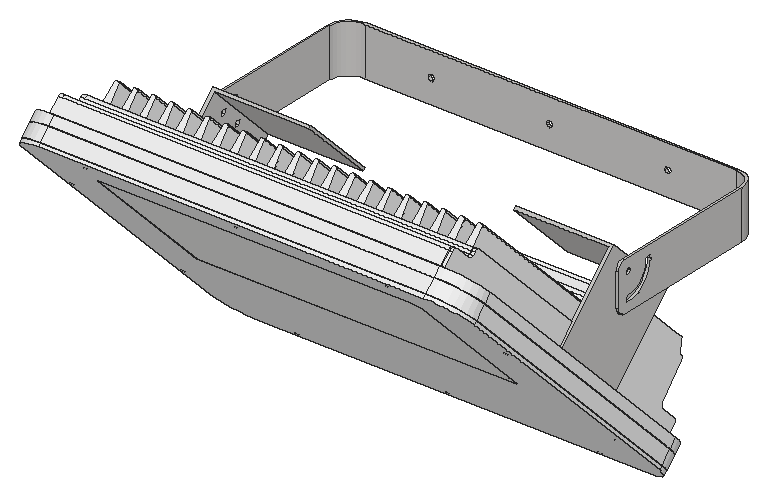
Revit family "FT ATEX LED MAX_2021", category Luminarias, Revit 2021 (continued)
Types (12, lengths in mm): name | Wattage | Power | Position | Archivo de red fotométrica | built-in parameter 1150142 | Modules | Lumens | built-in parameter 1150105 | built-in parameter 1150106 | Equiv MH
  PA404A | 180.42 W | 194 W | 50.00° | "PA404A.ies" | "IESNA:LM-63-2002\r\n[TEST] 2020-10-2/Converted LDT Editor version 1.3.0.0 - DIAL GmbH (www.dial.de) on 15-09-2020\r\n[TESTLAB] ies2eulumdat.appspot.com\r\n[ISSUEDATE] 2020-10-06T06:31:21.553\r\n[MANUFAC] AIRFAL INTERNATIONAL S.L.\r\n[LUMCAT] PA404A\r\n[LUMINAIRE] LED MAX 190W 28500lm EXTENSIVO\r\n[LAMPCAT] TRIDONIC LED MODULE\r\n[LAMP] TRIDONIC LED MODULE\r\nTILT=NONE\r\n1\t28500\t1\t91\t72\t1\t2\t0.223\t0.400\t0.003\r\n1.0\t1.0\t195.00\r\n0\t 2\t 4\t 6\t 8\t 10\t 12\t 14\t 16\t 18\r\n20\t 22\t 24\t 26\t 28\t 30\t 32\t 34\t 36\t 38\r\n40\t 42\t 44\t 46\t 48\t 50\t 52\t 54\t 56\t 58\r\n60\t 62\t 64\t 66\t 68\t 70\t 72\t 74\t 76\t 78\r\n80\t 82\t 84\t 86\t 88\t 90\t 92\t 94\t 96\t 98\r\n100\t 102\t 104\t 106\t 108\t 110\t 112\t 114\t 116\t 118\r\n120\t 122\t 124\t 126\t 128\t 130\t 132\t 134\t 136\t 138\r\n140\t 142\t 144\t 146\t 148\t 150\t 152\t 154\t 156\t 158\r\n160\t 162\t 164\t 166\t 168\t 170\t 172\t 174\t 176\t 178\r\n180\r\n0\t 5\t 10\t 15\t 20\t 25\t 30\t 35\t 40\t 45\r\n50\t 55\t 60\t 65\t 70\t 75\t 80\t 85\t 90\t 95\r\n100\t 105\t 110\t 115\t 120\t 125\t 130\t 135\t 140\t 145\r\n150\t 155\t 160\t 165\t 170\t 175\t 180\t 185\t 190\t 195\r\n200\t 205\t 210\t 215\t 220\t 225\t 230\t 235\t 240\t 245\r\n250\t 255\t 260\t 265\t 270\t 275\t 280\t 285\t 290\t 295\r\n300\t 305\t 310\t 315\t 320\t 325\t 330\t 335\t 340\t 345\r\n350\t 355\r\n2144.625\t2147.76\t2154.315\t2176.26\t2192.505\t2227.56\t2253.78\t2284.275\t2306.22\t2328.165\r\n2349.825\t2369.49\t2401.125\t2439.315\t2504.865\t2580.39\t2665.32\t2748.54\t2835.75\t2929.8\r\n3026.985\t3138.135\t3261.54\t3377.535\t3514.905\t3663.39\t3840.375\t4056.69\t4345.965\t4717.32\r\n5130\t5578.875\t6035.16\t6523.365\t7032.09\t7438.5\t7614.06\t7452.465\t6777.87\t5662.95\r\n4305.495\t2960.295\t2013.525\t1360.59\t963.015\t707.655\t0\t0\t0\t0\r\n0\t0\t0\t0\t0\t0\t0\t0\t0\t0\r\n0\t0\t0\t0\t0\t0\t0\t0\t0\t0\r\n0\t0\t0\t0\t0\t0\t0\t0\t0\t0\r\n0\t0\t0\t0\t0\t0\t0\t0\t0\t0\r\n0\r\n2137.5\t2142.345\t2151.18\t2169.705\t2191.08\t2218.725\t2248.365\t2273.445\t2295.96\t2319.9\r\n2343.84\t2368.92\t2401.125\t2445.015\t2510.28\t2587.515\t2672.445\t2755.095\t2839.74\t2926.38\r\n3024.705\t3134.43\t3256.695\t3375.825\t3511.77\t3665.1\t3844.65\t4071.225\t4363.92\t4734.135\r\n5153.37\t5601.675\t6064.23\t6551.865\t7056.315\t7442.205\t7600.095\t7423.68\t6747.66\t5644.995\r\n4301.79\t2985.375\t2052.855\t1410.18\t974.7\t714.21\t0\t0\t0\t0\r\n0\t0\t0\t0\t0\t0\t0\t0\t0\t0\r\n0\t0\t0\t0\t0\t0\t0\t0\t0\t0\r\n0\t0\t0\t0\t0\t0\t0\t0\t0\t0\r\n0\t0\t0\t0\t0\t0\t0\t0\t0\t0\r\n0\r\n2130.375\t2136.93\t2147.76\t2163.15\t2189.37\t2210.175\t2242.95\t2262.615\t2285.415\t2311.635\r\n2337.855\t2368.35\t2401.125\t2450.43\t2515.98\t2594.355\t2679.57\t2761.65\t2843.445\t2923.245\r\n3022.425\t3130.725\t3251.85\t3374.115\t3508.35\t3666.81\t3849.21\t4086.045\t4381.875\t4750.95\r\n5177.025\t5624.76\t6093.015\t6580.08\t7080.255\t7445.91\t7585.845\t7394.61\t6717.735\t5626.755\r\n4297.8\t3010.455\t2092.185\t1460.055\t986.1\t720.765\t0\t0\t0\t0\r\n0\t0\t0\t0\t0\t0\t0\t0\t0\t0\r\n0\t0\t0\t0\t0\t0\t0\t0\t0\t0\r\n0\t0\t0\t0\t0\t0\t0\t0\t0\t0\r\n0\t0\t0\t0\t0\t0\t0\t0\t0\t0\r\n0\r\n2127.24\t2134.365\t2146.335\t2164.29\t2187.09\t2212.17\t2240.1\t2263.185\t2286.555\t2310.495\r\n2337.285\t2366.355\t2402.835\t2448.15\t2511.99\t2587.8\t2668.74\t2751.675\t2833.185\t2924.67\r\n3023.565\t3134.43\t3254.7\t3377.82\t3517.755\t3672.795\t3857.76\t4098.015\t4404.96\t4777.74\r\n5210.94\t5662.95\t6119.805\t6602.595\t7093.935\t7463.58\t7588.41\t7395.75\t6737.4\t5629.035\r\n4275\t2950.89\t2003.835\t1379.115\t965.865\t709.65\t0\t0\t0\t0\r\n0\t0\t0\t0\t0\t0\t0\t0\t0\t0\r\n0\t0\t0\t0\t0\t0\t0\t0\t0\t0\r\n0\t0\t0\t0\t0\t0\t0\t0\t0\t0\r\n0\t0\t0\t0\t0\t0\t0\t0\t0\t0\r\n0\r\n2123.82\t2131.515\t2144.625\t2165.43\t2185.095\t2214.45\t2237.535\t2263.755\t2287.695\t2309.355\r\n2336.715\t2364.075\t2404.545\t2445.87\t2508.285\t2581.245\t2657.91\t2741.985\t2822.64\t2926.38\r\n3024.705\t3138.135\t3257.265\t3381.81\t3526.875\t3678.78\t3866.595\t4109.985\t4427.76\t4804.53\r\n5244.57\t5701.14\t6146.595\t6624.825\t7107.615\t7480.965\t7591.26\t7396.89\t6757.065\t5631.315\r\n4252.2\t2891.61\t1915.2\t1298.46\t945.63\t698.82\t0\t0\t0\t0\r\n0\t0\t0\t0\t0\t0\t0\t0\t0\t0\r\n0\t0\t0\t0\t0\t0\t0\t0\t0\t0\r\n0\t0\t0\t0\t0\t0\t0\t0\t0\t0\r\n0\t0\t0\t0\t0\t0\t0\t0\t0\t0\r\n0\r\n2121.255\t2130.945\t2143.485\t2165.43\t2185.095\t2212.74\t2239.53\t2263.755\t2290.26\t2311.065\r\n2341.275\t2370.63\t2406.54\t2450.43\t2506.005\t2573.835\t2645.94\t2724.885\t2805.825\t2898.45\r\n2996.205\t3104.505\t3224.49\t3350.175\t3495.81\t3657.975\t3845.79\t4095.45\t4412.085\t4789.995\r\n5224.905\t5685.18\t6143.46\t6621.69\t7105.335\t7490.37\t7631.73\t7431.375\t6788.13\t5666.655\r\n4249.92\t2852.28\t1874.445\t1269.39\t926.535\t685.71\t0\t0\t0\t0\r\n0\t0\t0\t0\t0\t0\t0\t0\t0\t0\r\n0\t0\t0\t0\t0\t0\t0\t0\t0\t0\r\n0\t0\t0\t0\t0\t0\t0\t0\t0\t0\r\n0\t0\t0\t0\t0\t0\t0\t0\t0\t0\r\n0\r\n2118.405\t2130.375\t2142.345\t2165.43\t2185.095\t2211.315\t2241.81\t2263.755\t2293.11\t2312.775\r\n2345.55\t2377.185\t2408.82\t2454.705\t2503.725\t2566.14\t2633.685\t2708.07\t2788.725\t2870.805\r\n2967.99\t3070.59\t3191.715\t3318.54\t3464.745\t3637.17\t3824.985\t4080.63\t4396.125\t4775.175\r\n5205.24\t5669.505\t6140.04\t6618.27\t7103.055\t7499.49\t7672.2\t7465.575\t6819.195\t5702.28\r\n4247.64\t2812.95\t1833.405\t1240.32\t907.44\t672.6\t0\t0\t0\t0\r\n0\t0\t0\t0\t0\t0\t0\t0\t0\t0\r\n0\t0\t0\t0\t0\t0\t0\t0\t0\t0\r\n0\t0\t0\t0\t0\t0\t0\t0\t0\t0\r\n0\t0\t0\t0\t0\t0\t0\t0\t0\t0\r\n0\r\n2118.975\t2130.375\t2144.625\t2166.57\t2188.23\t2212.74\t2244.09\t2266.32\t2294.82\t2318.19\r\n2348.685\t2380.32\t2409.96\t2452.425\t2499.45\t2560.155\t2624.565\t2697.81\t2780.175\t2866.245\r\n2960.295\t3064.605\t3183.165\t3305.43\t3447.93\t3614.37\t3801.615\t4051.56\t4363.35\t4742.97\r\n5175.885\t5643.855\t6114.96\t6601.455\t7101.06\t7516.02\t7708.68\t7535.685\t6915.24\t5780.94\r\n4282.695\t2802.405\t1812.03\t1225.785\t901.455\t676.59\t0\t0\t0\t0\r\n0\t0\t0\t0\t0\t0\t0\t0\t0\t0\r\n0\t0\t0\t0\t0\t0\t0\t0\t0\t0\r\n0\t0\t0\t0\t0\t0\t0\t0\t0\t0\r\n0\t0\t0\t0\t0\t0\t0\t0\t0\t0\r\n0\r\n2119.545\t2130.375\t2146.905\t2167.425\t2191.65\t2214.45\t2246.085\t2269.17\t2296.245\t2323.605\r\n2352.105\t2383.74\t2411.1\t2450.43\t2495.175\t2554.17\t2615.16\t2687.265\t2771.34\t2861.97\r\n2952.6\t3058.62\t3174.33\t3292.32\t3430.83\t3591.57\t3778.245\t4022.775\t4330.575\t4710.765\r\n5146.245\t5618.205\t6089.88\t6584.355\t7098.78\t7532.265\t7745.16\t7605.51\t7011.57\t5859.315\r\n4317.465\t2792.145\t1790.94\t1210.965\t895.47\t680.295\t0\t0\t0\t0\r\n0\t0\t0\t0\t0\t0\t0\t0\t0\t0\r\n0\t0\t0\t0\t0\t0\t0\t0\t0\t0\r\n0\t0\t0\t0\t0\t0\t0\t0\t0\t0\r\n0\t0\t0\t0\t0\t0\t0\t0\t0\t0\r\n0\r\n2122.68\t2131.515\t2150.04\t2171.415\t2194.215\t2219.865\t2247.795\t2274.015\t2300.805\t2329.02\r\n2358.09\t2386.59\t2418.225\t2454.705\t2501.16\t2550.18\t2611.455\t2677.005\t2756.52\t2842.305\r\n2934.075\t3038.955\t3152.955\t3272.085\t3410.595\t3576.18\t3766.275\t4004.82\t4315.47\t4693.095\r\n5127.72\t5601.675\t6082.185\t6584.925\t7108.185\t7560.765\t7785.06\t7667.64\t7089.945\t5930.85\r\n4338.84\t2773.62\t1779.255\t1187.595\t883.5\t668.895\t0\t0\t0\t0\r\n0\t0\t0\t0\t0\t0\t0\t0\t0\t0\r\n0\t0\t0\t0\t0\t0\t0\t0\t0\t0\r\n0\t0\t0\t0\t0\t0\t0\t0\t0\t0\r\n0\t0\t0\t0\t0\t0\t0\t0\t0\t0\r\n0\r\n2126.1\t2132.655\t2153.46\t2175.12\t2197.065\t2225.28\t2249.505\t2278.86\t2305.08\t2334.72\r\n2364.075\t2389.155\t2425.35\t2458.98\t2507.145\t2546.475\t2607.465\t2666.46\t2741.985\t2822.64\r\n2915.55\t3019.29\t3131.865\t3251.85\t3390.645\t3560.79\t3754.02\t3986.865\t4300.08\t4675.71\r\n5109.195\t5585.43\t6074.49\t6585.495\t7117.305\t7588.98\t7824.96\t7730.055\t7168.605\t6002.385\r\n4360.215\t2755.095\t1767.855\t1163.94\t871.245\t657.495\t0\t0\t0\t0\r\n0\t0\t0\t0\t0\t0\t0\t0\t0\t0\r\n0\t0\t0\t0\t0\t0\t0\t0\t0\t0\r\n0\t0\t0\t0\t0\t0\t0\t0\t0\t0\r\n0\t0\t0\t0\t0\t0\t0\t0\t0\t0\r\n0\r\n2125.53\t2133.225\t2153.46\t2174.55\t2197.065\t2226.99\t2250.93\t2281.71\t2307.93\t2335.575\r\n2365.215\t2392.005\t2426.775\t2458.98\t2502.87\t2543.055\t2601.48\t2658.48\t2730.015\t2812.38\r\n2903.58\t3007.89\t3118.755\t3242.445\t3380.67\t3546.54\t3740.055\t3981.735\t4296.375\t4674\r\n5103.78\t5578.875\t6067.365\t6575.235\t7106.475\t7579.86\t7821.54\t7721.22\t7153.5\t5973.6\r\n4329.72\t2743.41\t1759.02\t1178.19\t878.37\t664.05\t0\t0\t0\t0\r\n0\t0\t0\t0\t0\t0\t0\t0\t0\t0\r\n0\t0\t0\t0\t0\t0\t0\t0\t0\t0\r\n0\t0\t0\t0\t0\t0\t0\t0\t0\t0\r\n0\t0\t0\t0\t0\t0\t0\t0\t0\t0\r\n0\r\n2124.96\t2133.795\t2153.46\t2173.98\t2197.065\t2228.7\t2252.64\t2284.275\t2310.495\t2336.715\r\n2366.355\t2394.57\t2428.485\t2458.98\t2498.31\t2539.92\t2595.495\t2650.215\t2717.76\t2801.835\r\n2891.61\t2996.205\t3105.645\t3233.325\t3370.98\t3532.575\t3725.805\t3976.89\t4292.385\t4672.575\r\n5098.365\t5572.32\t6060.24\t6564.69\t7095.645\t7570.455\t7818.405\t7712.385\t7138.11\t5944.53\r\n4298.94\t2732.01\t1750.47\t1192.44\t885.495\t670.32\t0\t0\t0\t0\r\n0\t0\t0\t0\t0\t0\t0\t0\t0\t0\r\n0\t0\t0\t0\t0\t0\t0\t0\t0\t0\r\n0\t0\t0\t0\t0\t0\t0\t0\t0\t0\r\n0\t0\t0\t0\t0\t0\t0\t0\t0\t0\r\n0\r\n2122.68\t2134.65\t2152.32\t2174.55\t2198.775\t2228.13\t2253.78\t2283.135\t2310.495\t2335.575\r\n2366.355\t2394.57\t2426.775\t2460.69\t2497.74\t2539.35\t2591.79\t2648.505\t2716.335\t2799.27\r\n2888.19\t2990.79\t3102.795\t3223.35\t3367.56\t3529.725\t3727.8\t3980.595\t4299.51\t4683.975\r\n5116.89\t5586.855\t6075.06\t6579.51\t7110.75\t7586.415\t7824.39\t7689.015\t7102.2\t5899.785\r\n4281.555\t2734.29\t1767.285\t1209.825\t900.885\t684\t0\t0\t0\t0\r\n0\t0\t0\t0\t0\t0\t0\t0\t0\t0\r\n0\t0\t0\t0\t0\t0\t0\t0\t0\t0\r\n0\t0\t0\t0\t0\t0\t0\t0\t0\t0\r\n0\t0\t0\t0\t0\t0\t0\t0\t0\t0\r\n0\r\n2120.685\t2135.79\t2151.18\t2175.12\t2200.2\t2227.56\t2254.92\t2282.28\t2310.495\t2334.72\r\n2366.355\t2394.57\t2425.35\t2462.4\t2497.17\t2538.78\t2587.8\t2646.795\t2714.625\t2796.42\r\n2885.055\t2985.375\t3099.945\t3213.66\t3364.425\t3526.875\t3730.08\t3984.585\t4306.635\t4695.375\r\n5135.415\t5601.675\t6089.88\t6594.33\t7126.14\t7602.09\t7830.375\t7665.645\t7066.005\t5855.04\r\n4264.17\t2736.57\t1784.385\t1227.495\t916.275\t697.68\t0\t0\t0\t0\r\n0\t0\t0\t0\t0\t0\t0\t0\t0\t0\r\n0\t0\t0\t0\t0\t0\t0\t0\t0\t0\r\n0\t0\t0\t0\t0\t0\t0\t0\t0\t0\r\n0\t0\t0\t0\t0\t0\t0\t0\t0\t0\r\n0\r\n2119.545\t2134.65\t2151.75\t2173.98\t2200.77\t2225.85\t2255.49\t2281.14\t2309.07\t2332.44\r\n2362.935\t2392.005\t2422.5\t2460.69\t2497.17\t2542.2\t2592.36\t2652.78\t2721.75\t2802.975\r\n2894.745\t2993.64\t3104.505\t3222.78\t3371.55\t3539.985\t3743.19\t3999.405\t4317.465\t4701.93\r\n5138.835\t5609.37\t6097.005\t6605.16\t7145.805\t7618.62\t7830.945\t7633.44\t7014.135\t5812.575\r\n4242.225\t2744.55\t1796.355\t1237.755\t925.965\t702.81\t0\t0\t0\t0\r\n0\t0\t0\t0\t0\t0\t0\t0\t0\t0\r\n0\t0\t0\t0\t0\t0\t0\t0\t0\t0\r\n0\t0\t0\t0\t0\t0\t0\t0\t0\t0\r\n0\t0\t0\t0\t0\t0\t0\t0\t0\t0\r\n0\r\n2118.405\t2133.795\t2152.32\t2173.125\t2201.34\t2224.425\t2256.06\t2280\t2307.36\t2330.16\r\n2359.8\t2389.155\t2419.65\t2458.98\t2497.17\t2545.335\t2596.635\t2659.05\t2728.875\t2809.53\r\n2904.72\t3001.905\t3108.78\t3232.185\t3378.39\t3553.095\t3756.3\t4013.94\t4328.58\t4708.485\r\n5141.97\t5617.065\t6104.13\t6616.275\t7165.47\t7634.865\t7831.515\t7600.95\t6962.265\t5769.825\r\n4220.28\t2752.815\t1808.325\t1248.015\t935.94\t707.655\t0\t0\t0\t0\r\n0\t0\t0\t0\t0\t0\t0\t0\t0\t0\r\n0\t0\t0\t0\t0\t0\t0\t0\t0\t0\r\n0\t0\t0\t0\t0\t0\t0\t0\t0\t0\r\n0\t0\t0\t0\t0\t0\t0\t0\t0\t0\r\n0\r\n2120.115\t2131.515\t2151.18\t2171.415\t2198.205\t2224.995\t2253.21\t2278.86\t2302.8\t2326.455\r\n2355.24\t2386.59\t2418.795\t2455.275\t2498.31\t2545.905\t2603.19\t2668.17\t2741.415\t2826.06\r\n2919.825\t3022.425\t3130.725\t3254.7\t3399.195\t3569.625\t3773.115\t4025.625\t4342.83\t4718.745\r\n5156.22\t5626.185\t6113.25\t6627.675\t7183.425\t7667.07\t7856.025\t7609.785\t6950.865\t5752.44\r\n4212.87\t2746.26\t1810.035\t1244.88\t931.38\t704.235\t0\t0\t0\t0\r\n0\t0\t0\t0\t0\t0\t0\t0\t0\t0\r\n0\t0\t0\t0\t0\t0\t0\t0\t0\t0\r\n0\t0\t0\t0\t0\t0\t0\t0\t0\t0\r\n0\t0\t0\t0\t0\t0\t0\t0\t0\t0\r\n0\r\n2121.54\t2129.235\t2150.04\t2169.705\t2194.785\t2225.28\t2250.645\t2277.72\t2298.525\t2322.465\r\n2350.965\t2383.74\t2417.655\t2451.57\t2499.45\t2546.475\t2609.745\t2677.575\t2753.955\t2842.305\r\n2935.215\t3043.23\t3152.385\t3276.93\t3420\t3585.87\t3790.215\t4037.025\t4356.795\t4729.29\r\n5170.47\t5635.59\t6122.655\t6639.075\t7201.38\t7699.275\t7880.535\t7618.62\t6939.465\t5735.055\r\n4205.175\t2739.705\t1811.46\t1241.46\t927.105\t701.1\t0\t0\t0\t0\r\n0\t0\t0\t0\t0\t0\t0\t0\t0\t0\r\n0\t0\t0\t0\t0\t0\t0\t0\t0\t0\r\n0\t0\t0\t0\t0\t0\t0\t0\t0\t0\r\n0\t0\t0\t0\t0\t0\t0\t0\t0\t0\r\n0\r\n2121.54\t2128.665\t2149.47\t2168.565\t2194.215\t2222.145\t2247.225\t2274.015\t2295.96\t2321.04\r\n2347.26\t2380.32\t2414.235\t2449.86\t2498.31\t2550.75\t2617.44\t2685.555\t2765.355\t2852.28\r\n2948.325\t3056.91\t3167.205\t3292.32\t3435.39\t3601.83\t3799.905\t4045.005\t4357.365\t4725.87\r\n5166.48\t5626.755\t6108.405\t6620.55\t7172.025\t7667.64\t7866\t7639.995\t6967.68\t5758.425\r\n4211.16\t2743.41\t1807.185\t1237.185\t922.26\t699.39\t0\t0\t0\t0\r\n0\t0\t0\t0\t0\t0\t0\t0\t0\t0\r\n0\t0\t0\t0\t0\t0\t0\t0\t0\t0\r\n0\t0\t0\t0\t0\t0\t0\t0\t0\t0\r\n0\t0\t0\t0\t0\t0\t0\t0\t0\t0\r\n0\r\n2121.54\t2128.095\t2148.9\t2167.425\t2193.645\t2218.725\t2244.09\t2270.31\t2293.11\t2319.33\r\n2343.27\t2377.185\t2411.1\t2448.15\t2497.17\t2555.31\t2625.135\t2693.82\t2776.755\t2861.97\r\n2961.435\t3070.59\t3182.025\t3307.425\t3450.495\t3617.505\t3809.88\t4053.27\t4357.935\t4722.735\r\n5162.775\t5618.205\t6094.155\t6602.025\t7142.385\t7636.005\t7851.18\t7661.085\t6996.18\t5781.795\r\n4217.145\t2747.4\t1802.91\t1232.91\t917.13\t697.68\t0\t0\t0\t0\r\n0\t0\t0\t0\t0\t0\t0\t0\t0\t0\r\n0\t0\t0\t0\t0\t0\t0\t0\t0\t0\r\n0\t0\t0\t0\t0\t0\t0\t0\t0\t0\r\n0\t0\t0\t0\t0\t0\t0\t0\t0\t0\r\n0\r\n2121.255\t2128.665\t2146.905\t2166.57\t2189.94\t2215.59\t2238.39\t2266.89\t2287.695\t2313.915\r\n2339.565\t2371.77\t2405.685\t2441.025\t2494.605\t2552.46\t2623.995\t2697.24\t2784.45\t2875.08\r\n2975.115\t3086.55\t3199.41\t3320.535\t3461.04\t3618.645\t3808.17\t4050.135\t4354.8\t4718.46\r\n5150.235\t5603.385\t6074.49\t6572.385\t7087.38\t7560.765\t7782.495\t7634.295\t6993.9\t5795.475\r\n4230.255\t2755.95\t1815.45\t1245.45\t929.385\t705.375\t0\t0\t0\t0\r\n0\t0\t0\t0\t0\t0\t0\t0\t0\t0\r\n0\t0\t0\t0\t0\t0\t0\t0\t0\t0\r\n0\t0\t0\t0\t0\t0\t0\t0\t0\t0\r\n0\t0\t0\t0\t0\t0\t0\t0\t0\t0\r\n0\r\n2120.685\t2129.235\t2144.625\t2165.43\t2185.95\t2212.17\t2232.975\t2263.755\t2282.28\t2308.5\r\n2335.575\t2366.355\t2399.985\t2433.9\t2491.755\t2549.61\t2622.855\t2700.375\t2792.145\t2888.19\r\n2988.795\t3102.225\t3216.795\t3333.645\t3471.3\t3619.785\t3806.46\t4046.715\t4351.38\t4713.9\r\n5137.695\t5588.565\t6054.825\t6543.03\t7032.09\t7485.24\t7713.525\t7607.505\t6991.905\t5809.155\r\n4243.365\t2764.785\t1827.99\t1257.99\t941.355\t713.07\t0\t0\t0\t0\r\n0\t0\t0\t0\t0\t0\t0\t0\t0\t0\r\n0\t0\t0\t0\t0\t0\t0\t0\t0\t0\r\n0\t0\t0\t0\t0\t0\t0\t0\t0\t0\r\n0\t0\t0\t0\t0\t0\t0\t0\t0\t0\r\n0\r\n2120.685\t2128.665\t2144.055\t2162.01\t2182.815\t2206.755\t2229.84\t2257.2\t2278.86\t2305.08\r\n2329.59\t2361.225\t2393.145\t2432.76\t2485.77\t2547.615\t2625.135\t2705.22\t2795.28\t2893.605\r\n2996.205\t3111.06\t3225.06\t3345.33\t3480.705\t3633.465\t3818.145\t4056.69\t4357.365\t4722.165\r\n5145.39\t5593.41\t6055.395\t6528.21\t6994.47\t7416.555\t7640.85\t7550.79\t6960.555\t5801.46\r\n4257.045\t2800.98\t1862.76\t1288.485\t967.575\t736.44\t0\t0\t0\t0\r\n0\t0\t0\t0\t0\t0\t0\t0\t0\t0\r\n0\t0\t0\t0\t0\t0\t0\t0\t0\t0\r\n0\t0\t0\t0\t0\t0\t0\t0\t0\t0\r\n0\t0\t0\t0\t0\t0\t0\t0\t0\t0\r\n0\r\n2120.685\t2128.095\t2143.485\t2158.875\t2179.68\t2201.34\t2226.42\t2250.645\t2275.725\t2301.945\r\n2323.605\t2356.38\t2386.02\t2431.905\t2479.785\t2545.335\t2627.13\t2710.35\t2798.7\t2899.02\r\n3003.9\t3119.61\t3233.325\t3356.73\t3489.825\t3647.145\t3829.545\t4066.38\t4363.35\t4730.43\r\n5152.8\t5598.54\t6055.965\t6513.39\t6956.85\t7347.87\t7568.46\t7494.075\t6929.49\t5794.05\r\n4270.725\t2836.89\t1897.815\t1318.98\t993.795\t760.095\t0\t0\t0\t0\r\n0\t0\t0\t0\t0\t0\t0\t0\t0\t0\r\n0\t0\t0\t0\t0\t0\t0\t0\t0\t0\r\n0\t0\t0\t0\t0\t0\t0\t0\t0\t0\r\n0\t0\t0\t0\t0\t0\t0\t0\t0\t0\r\n0\r\n2119.545\t2128.095\t2141.775\t2157.735\t2177.4\t2198.205\t2223.285\t2244.945\t2271.735\t2295.96\r\n2317.05\t2349.825\t2377.185\t2423.07\t2473.23\t2542.485\t2622.855\t2710.35\t2802.975\t2904.15\r\n3011.025\t3121.89\t3239.31\t3359.295\t3494.67\t3653.13\t3838.095\t4074.645\t4369.05\t4732.995\r\n5149.095\t5587.995\t6032.025\t6477.48\t6922.365\t7301.415\t7506.045\t7421.97\t6861.375\t5747.595\r\n4259.04\t2851.71\t1915.2\t1332.09\t1001.205\t762.09\t0\t0\t0\t0\r\n0\t0\t0\t0\t0\t0\t0\t0\t0\t0\r\n0\t0\t0\t0\t0\t0\t0\t0\t0\t0\r\n0\t0\t0\t0\t0\t0\t0\t0\t0\t0\r\n0\t0\t0\t0\t0\t0\t0\t0\t0\t0\r\n0\r\n2118.405\t2128.095\t2140.35\t2156.595\t2175.12\t2194.785\t2219.865\t2239.53\t2268.03\t2289.69\r\n2310.495\t2343.27\t2368.35\t2414.235\t2466.675\t2539.92\t2618.58\t2710.35\t2807.535\t2908.995\r\n3018.15\t3124.17\t3245.295\t3362.145\t3499.8\t3659.115\t3846.93\t4082.91\t4374.465\t4735.845\r\n5145.39\t5577.735\t6007.8\t6441.57\t6888.165\t7254.96\t7443.915\t7349.865\t6792.975\t5701.14\r\n4247.64\t2866.245\t1932.87\t1345.2\t1008.9\t764.37\t0\t0\t0\t0\r\n0\t0\t0\t0\t0\t0\t0\t0\t0\t0\r\n0\t0\t0\t0\t0\t0\t0\t0\t0\t0\r\n0\t0\t0\t0\t0\t0\t0\t0\t0\t0\r\n0\t0\t0\t0\t0\t0\t0\t0\t0\t0\r\n0\r\n2120.685\t2126.1\t2140.35\t2153.745\t2172.555\t2192.505\t2215.02\t2236.395\t2258.625\t2281.71\r\n2300.805\t2330.16\t2356.95\t2402.835\t2458.98\t2532.225\t2615.16\t2706.93\t2801.55\t2905.005\r\n3009.315\t3121.89\t3238.74\t3358.44\t3501.795\t3659.115\t3850.635\t4086.615\t4380.45\t4738.125\r\n5141.97\t5570.04\t5996.4\t6433.875\t6876.48\t7239.57\t7403.445\t7271.775\t6696.93\t5616.495\r\n4202.895\t2859.405\t1940.28\t1346.91\t1007.76\t761.52\t0\t0\t0\t0\r\n0\t0\t0\t0\t0\t0\t0\t0\t0\t0\r\n0\t0\t0\t0\t0\t0\t0\t0\t0\t0\r\n0\t0\t0\t0\t0\t0\t0\t0\t0\t0\r\n0\t0\t0\t0\t0\t0\t0\t0\t0\t0\r\n0\r\n2122.68\t2123.82\t2140.35\t2151.18\t2169.705\t2190.51\t2210.175\t2232.975\t2249.505\t2273.445\r\n2290.83\t2317.05\t2345.55\t2391.435\t2451.57\t2524.53\t2612.025\t2703.795\t2795.28\t2901.3\r\n3000.765\t3119.61\t3232.185\t3354.45\t3504.075\t3659.115\t3854.625\t4090.32\t4386.435\t4740.12\r\n5138.835\t5562.345\t5985\t6426.18\t6865.08\t7224.465\t7362.975\t7193.685\t6600.885\t5531.85\r\n4158.15\t2852.28\t1947.975\t1348.62\t1006.905\t758.955\t0\t0\t0\t0\r\n0\t0\t0\t0\t0\t0\t0\t0\t0\t0\r\n0\t0\t0\t0\t0\t0\t0\t0\t0\t0\r\n0\t0\t0\t0\t0\t0\t0\t0\t0\t0\r\n0\t0\t0\t0\t0\t0\t0\t0\t0\t0\r\n0\r\n2121.255\t2124.39\t2136.36\t2149.47\t2167.425\t2186.52\t2206.755\t2226.42\t2244.375\t2263.755\r\n2284.845\t2307.93\t2339.565\t2384.88\t2444.445\t2521.965\t2609.745\t2705.22\t2796.42\t2900.73\r\n3002.19\t3115.335\t3231.045\t3353.31\t3498.09\t3653.7\t3849.21\t4084.05\t4378.17\t4729.29\r\n5124.015\t5545.53\t5966.475\t6405.375\t6831.165\t7165.47\t7278.9\t7084.53\t6493.44\t5458.605\r\n4128.795\t2855.985\t1962.795\t1367.715\t1021.44\t770.925\t0\t0\t0\t0\r\n0\t0\t0\t0\t0\t0\t0\t0\t0\t0\r\n0\t0\t0\t0\t0\t0\t0\t0\t0\t0\r\n0\t0\t0\t0\t0\t0\t0\t0\t0\t0\r\n0\t0\t0\t0\t0\t0\t0\t0\t0\t0\r\n0\r\n2119.545\t2124.96\t2132.655\t2147.76\t2165.43\t2182.815\t2203.62\t2219.865\t2239.53\t2253.78\r\n2278.86\t2298.525\t2333.58\t2378.325\t2437.32\t2519.115\t2607.465\t2706.93\t2
